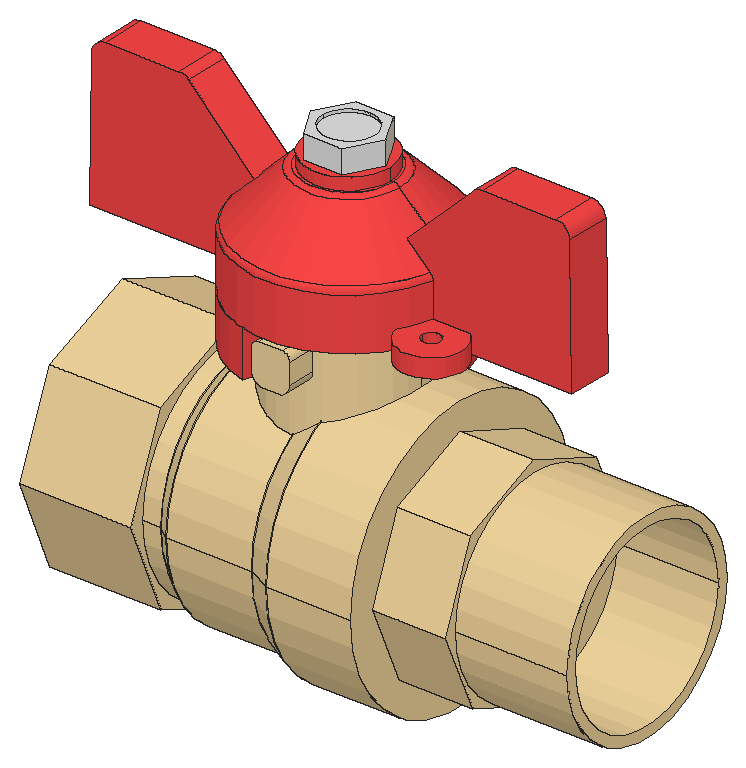
Revit family "Temper_88_КранШаровый-ВН_Бабочка ", category Арматура трубопроводов, Revit 2019
Family settings
  Размер круглого соединителя = Использовать диаметр
  Тип детали = Вставляется
  На основе рабочей плоскости = Нет
  Всегда вертикально = Да
  При загрузке вырезать с полостями = Нет
  Общий = Нет
Parameters (values of type "DN 15")
  Угол [instance] = 135.00°  # constant formula
  ТВ1 = "temper"  # constant formula
  ТВ = "ВН"  # constant formula
  Разработчик = "https://3dbim.pro/"
  Изготовитель = "ООО «ТД «Темпер»"  # constant formula
  Длина УГО [instance] = L - S1  # 45.5 mm
  L8 [instance] = S1 * 1.1  # 12.1 mm
  K1 [instance] = size_lookup(ТВ, "SW1", 10 mm, ADSK_Диаметр условный)  # 22 mm
  K [instance] = size_lookup(ТВ, "SW", 10 mm, ADSK_Диаметр условный)  # 25.5 mm
  S2 [instance] = size_lookup(ТВ1, "C", 10 mm, ADSK_Диаметр условный, N)  # 11 mm
  S1 [instance] = size_lookup(ТВ1, "C", 10 mm, ADSK_Диаметр условный, N)  # 11 mm
  N = 9  # constant formula
  L7 [instance] = size_lookup(ТВ, "L7", 10 mm, ADSK_Диаметр условный)  # 8 mm
  L6 [instance] = (L - L1 - L2 - L3 - L5 - L7 - L8) / 2  # 9.2 mm
  L5 [instance] = size_lookup(ТВ, "L5", 10 mm, ADSK_Диаметр условный)  # 2.6 mm
  L4 [instance] = L6  # 9.2 mm
  L3 [instance] = size_lookup(ТВ, "L3", 10 mm, ADSK_Диаметр условный)  # 1.5 mm
  L2 [instance] = size_lookup(ТВ, "L2", 10 mm, ADSK_Диаметр условный)  # 2 mm
  L1 [instance] = size_lookup(ТВ, "L1", 10 mm, ADSK_Диаметр условный)  # 11.9 mm
  L [instance] = size_lookup(ТВ1, "L", 10 mm, ADSK_Диаметр условный, N)  # 56.5 mm
  G1 [instance] = G * 0.9  # 19.35 mm
  G [instance] = size_lookup(ТВ, "G", 10 mm, ADSK_Диаметр условный)  # 21.5 mm
  F [instance] = size_lookup(ТВ, "F", 10 mm, ADSK_Диаметр условный)  # 15.75 mm
  ET1 [instance] = if(ADSK_Диаметр условный < 25 mm, 0.43 * ET, if(ADSK_Диаметр условный < 35 mm, 0.36 * ET, 0.4 * ET))  # 16.125 mm
  ET [instance] = size_lookup(ТВ1, "B", 10 mm, ADSK_Диаметр условный, N)  # 37.5 mm
  E [instance] = size_lookup(ТВ, "E", 10 mm, ADSK_Диаметр условный)  # 24.375 mm
  D3 [instance] = size_lookup(ТВ, "D3", 10 mm, ADSK_Диаметр условный)  # 29.5 mm
  D2 [instance] = size_lookup(ТВ, "D2", 10 mm, ADSK_Диаметр условный)  # 26.8 mm
  D1 [instance] = size_lookup(ТВ, "D1", 10 mm, ADSK_Диаметр условный)  # 24.5 mm
  AT [instance] = size_lookup(ТВ1, "A1", 10 mm, ADSK_Диаметр условный, N)  # 52 mm
  ADSK_Этаж [instance] = ""
  ADSK_Расход жидкости [instance] = 0.0 L/s
  ADSK_Примечание [instance] = ""
  ADSK_Потеря давления жидкости [instance] = 0.0 Pa
  ADSK_Позиция = ""
  ADSK_Обозначение = "ГОСТ Р 59553-2021"  # constant formula
  ADSK_Наименование краткое = "Кран шаровой латунный Temper"  # constant formula
  ADSK_Наименование = size_lookup(ТВ1, "ADSK_Наименование", "", ADSK_Диаметр условный, N)  # "Кран шаровой латунный Temper DN15 (12”) PN40 внутренняянаружная бабочка"
  ADSK_Материал = Латунь ЛС59-1В
  ADSK_Масса_Текст = size_lookup(ТВ1, "ADSK_Масса_Текст", "", ADSK_Диаметр условный, N)  # "0.15"
  ADSK_Масса = size_lookup(ТВ1, "ADSK_Масса", 0, ADSK_Диаметр условный, N)  # 0.15
  ADSK_Марка = size_lookup(ТВ1, "ADSK_Код изделия", "", ADSK_Диаметр условный, N)  # "8815ВНБ1240"
  ADSK_Количество = 1  # constant formula
  ADSK_Код изделия = size_lookup(ТВ1, "ADSK_Код изделия", "", ADSK_Диаметр условный, N)  # "8815ВНБ1240"
  ADSK_Зона [instance] = ""
  ADSK_Завод-изготовитель = "ООО «ТД «Темпер»"  # constant formula
  ADSK_Единица измерения = "шт."  # constant formula
  ADSK_Диаметр условный = 15 mm
  ADSK_Группирование [instance] = ""
  ADSK_Версия семейства = "v1.0"  # constant formula
  ADSK_Версия Revit = "2019"  # constant formula
  ADSK_URL страницы изделия = "https://brass.temper.ru/en"
  ADSK_URL документации изделия = "https://brass.temper.ru/en"
Types (5, lengths in mm): name | Длина УГО | L8 | K1 | K | S2 | S1 | L7 | L6 | L5 | L4 | L3 | L2 | L1 | L | G1 | G | F | ET1 | ET | E | D3 | D2 | D1 | AT | ADSK_Наименование | ADSK_Масса_Текст | ADSK_Масса | ADSK_Марка | ADSK_Код изделия | ADSK_Диаметр условный
  (no name) | 45.5 | 12.1 | 22 | 25.5 | 11 | 11 | 8 | 9.2 | 2.6 | 9.2 | 1.5 | 2 | 11.9 | 56.5 | 19.35 | 21.5 | 15.75 | 16.125 | 37.5 | 24.375 | 29.5 | 26.8 | 24.5 | 52 | "Кран шаровой латунный Temper DN15 (12”) PN40 внутренняянаружная бабочка" | "0.15" | 0.15 | "8815ВНБ1240" | "8815ВНБ1240" | 15
  DN 15 | 45.5 | 12.1 | 22 | 25.5 | 11 | 11 | 8 | 9.2 | 2.6 | 9.2 | 1.5 | 2 | 11.9 | 56.5 | 19.35 | 21.5 | 15.75 | 16.125 | 37.5 | 24.375 | 29.5 | 26.8 | 24.5 | 52 | "Кран шаровой латунный Temper DN15 (12”) PN40 внутренняянаружная бабочка" | "0.15" | 0.15 | "8815ВНБ1240" | "8815ВНБ1240" | 15
  DN 20 | 47 | 13.2 | 28 | 31.5 | 12 | 12 | 6.5 | 9.3 | 2.6 | 9.3 | 1.6 | 1.9 | 14.6 | 59 | 23.85 | 26.5 | 15.75 | 16.985 | 39.5 | 26.5 | 35.5 | 32.75 | 30 | 52 | "Кран шаровой латунный Temper DN20 (34”) PN40 внутренняянаружная бабочка" | "0.209" | 0.209 | "8820ВНБ3440" | "8820ВНБ3440" | 20
  DN 32 | 62.5 | 15.4 | 42.6 | 47.5 | 14 | 14 | 8.5 | 11.55 | 3.4 | 11.55 | 2.6 | 4.5 | 19 | 76.5 | 37.8 | 42 | 21 | 17.82 | 49.5 | 35.45 | 54 | 50.5 | 46.1 | 65 | "Кран шаровой латунный Temper DN32 (1 14”) PN25 внутренняянаружная бабочка" | "0.614" | 0.614 | "8832ВНБ11425" | "8832ВНБ11425" | 32
  DN 25 | 54 | 15.4 | 35 | 38.25 | 14 | 14 | 7.5 | 10.25 | 2.5 | 10.25 | 1.9 | 1.6 | 18.6 | 68 | 30.15 | 33.5 | 20 | 15.48 | 43 | 31.25 | 43 | 40.5 | 37.25 | 52 | "Кран шаровой латунный Temper DN25 (1”) PN40 внутренняянаружная бабочка" | "0.332" | 0.332 | "8825ВНБ140" | "8825ВНБ140" | 25
Reference planes
  plane 1 "По центру (Вперед/Назад)": y = 0
  plane 2: z = 0
  plane 3 "По центру (Влево/Вправо)": x = 0
  plane 4: x = -24.375
  plane 5: x = 20.025
  plane 6: x = -12.475
  plane 7: x = -10.475
  plane 8: x = -8.975
  plane 9: x = 0.225
  plane 10: x = 2.825
  plane 11: x = 12.025
  plane 12: x = -13.375
  plane 13: z = 21.375
  plane 14: z = 37.5
  plane 15: x = 32.125
  plane 16: x = 21.125
Forms (mm)
  Extrusion 1, solid, material "Латунь ЛС59-1В" <- "ADSK_Материал", detail levels fine
    sketch origin (-18.841, 0, -5.999) x (0, 1, 0) y (0, 0, 1)
      loop
        circle (0, 5.999) r 12.25
    from 6.366 to 8.366
  Extrusion 2, solid, material "Латунь ЛС59-1В" <- "ADSK_Материал", detail levels fine
    sketch origin (-18.841, -37.917, 10.096) x (0, 1, 0) y (0, 0, 1)
      loop
        circle (37.917, -10.096) r 13.4
    from 9.866 to 19.066
  Extrusion 3, solid, material "Латунь ЛС59-1В" <- "ADSK_Материал", detail levels fine
    sketch origin (-18.841, -79.208, 7.932) x (0, 1, 0) y (0, 0, 1)
      loop
        circle (79.208, -7.932) r 14.75
    from 21.666 to 30.866
  Blend 4, solid, material "Латунь ЛС59-1В" <- "ADSK_Материал", detail levels fine
    base sketch origin (-18.841, 0, -5.999) x (0, 1, 0) y (0, 0, 1)
      loop
        circle (0, 5.999) r 12.25
    top sketch origin (-18.841, 0, -5.999) x (0, 1, 0) y (0, 0, 1)
      loop
        circle (0, 5.999) r 13.4
    from 8.366 to 9.866
  Blend 5, solid, material "Латунь ЛС59-1В" <- "ADSK_Материал", detail levels fine
    base sketch origin (-18.841, -33.951, 12.82) x (0, 1, 0) y (0, 0, 1)
      loop
        circle (33.951, -12.82) r 14.75
    top sketch origin (-18.841, -33.951, 12.82) x (0, 1, 0) y (0, 0, 1)
      loop
        circle (33.951, -12.82) r 13.4
    from 21.666 to 19.066
  Extrusion 6, solid, material "Латунь ЛС59-1В" <- "ADSK_Материал", detail levels fine
    sketch origin (0, 0, 0) x (1, 0, 0) y (0, 1, 0)
      loop
        circle (0, 0) r 7.875
    from 0 to 21.375
  Extrusion 7, solid, material "Латунь ЛС59-1В" <- "ADSK_Материал", detail levels fine
    sketch origin (-0.106, -0.025, -0.026) x (0, 1, 0) y (0, 0, 1)
      loop
        line (-9.738, 9.78) -> (-13.775, 0.02) -> (-9.729, -9.737) -> (0.031, -13.775) -> (9.788, -9.728) -> (13.826, 0.032) -> (9.779, 9.789) -> (0.019, 13.826) -> (-9.738, 9.78)
    from -24.269 to -12.369
  Extrusion 8, solid, material "Латунь ЛС59-1В" <- "ADSK_Материал", detail levels fine
    sketch origin (87.39, -0.618, -0.151) x (0, 1, 0) y (0, 0, 1)
      loop
        line (-7.907, 8.462) -> (-11.287, 0) -> (-7.693, -8.374) -> (0.769, -11.755) -> (9.143, -8.161) -> (12.524, 0.301) -> (8.93, 8.676) -> (0.468, 12.056) -> (-7.907, 8.462)
    from -75.365 to -67.365
  Extrusion 9, void
    sketch origin (0, 0, 0) x (0, 1, 0) y (0, 0, 1)
      loop
        circle (0, 0) r 10.75
    from -24.375 to -13.375
  Extrusion 10, void
    sketch origin (0, 0, 0) x (0, 1, 0) y (0, 0, 1)
      loop
        circle (0, 0) r 9.675
    from 21.125 to 32.125
  Extrusion 11, solid, material "Латунь ЛС59-1В" <- "ADSK_Материал", detail levels fine
    sketch origin (0, 0, 0) x (0, 1, 0) y (0, 0, 1)
      loop
        circle (0, 0) r 10.75
    from 20.025 to 32.125
Cuts and joins
  Extrusion 9, Extrusion 10 cuts Extrusion 2
  Extrusion 9, Extrusion 10 cuts Extrusion 3
  Extrusion 9, Extrusion 10 cuts Blend 5
  Extrusion 9, Extrusion 10 cuts Extrusion 6
  Extrusion 9, Extrusion 10 cuts Extrusion 8
  Extrusion 9 cuts Extrusion 7
  Extrusion 10 cuts Extrusion 11
Dimensions and locks
  "E": plane 3 "По центру (Влево/Вправо)" to plane 4
  plane 5 to plane 3 "По центру (Влево/Вправо)" = 20.025 mm
  "S1": plane 12 to plane 4
  "L1": plane 6 to plane 4
  "L2": plane 7 to plane 6
  "L3": plane 8 to plane 7
  "L4": plane 9 to plane 8
  "L5": plane 10 to plane 9
  "L6": plane 11 to plane 10
  "L7": plane 5 to plane 11
  "K": Extrusion 7 sketch curve to Extrusion 7 sketch curve  (x4)
  equal spacing: Extrusion 7 sketch curve, plane 1 "По центру (Вперед/Назад)", Extrusion 7 sketch curve  (x4)
  "K1": Extrusion 8 sketch curve to Extrusion 8 sketch curve  (x4)
  equal spacing: Extrusion 8 sketch curve, plane 1 "По центру (Вперед/Назад)", Extrusion 8 sketch curve  (x4)
  "ET": plane 14 to plane 2
  "ET1": plane 14 to plane 13
  plane 5 to plane 4 = 44.4 mm
  "L8": plane 15 to plane 5
  "S2": plane 16 to plane 15
  "D1": diameter of Extrusion 1 sketch curve
  "D2": diameter of Extrusion 2 sketch curve
  "D3": diameter of Extrusion 3 sketch curve
  "D1": diameter of Blend 4 sketch curve
  "D2": diameter of Blend 4 sketch curve
  "D3": diameter of Blend 5 sketch curve
  "D2": diameter of Blend 5 sketch curve
  "F": diameter of Extrusion 6 sketch curve
  "G": diameter of Extrusion 9 sketch curve
  "G1": diameter of Extrusion 10 sketch curve
  "G": diameter of Extrusion 11 sketch curve
  angle Extrusion 7 sketch curve to Extrusion 7 sketch curve = 135.00°  (x8)
  angle Extrusion 8 sketch curve to Extrusion 8 sketch curve = 135.00°  (x8)
  aligned and locked: level to plane 2
  aligned and locked: plane 2 to Extrusion 1 sketch curve
  aligned and locked: plane 1 "По центру (Вперед/Назад)" to Extrusion 1 sketch curve
  aligned and locked: level to Blend 4 sketch curve  (x2)
  aligned and locked: plane 1 "По центру (Вперед/Назад)" to Blend 4 sketch curve  (x2)
  aligned and locked: level to Extrusion 2 sketch curve
  aligned and locked: plane 1 "По центру (Вперед/Назад)" to Extrusion 2 sketch curve
  aligned and locked: level to Blend 5 sketch curve  (x2)
  aligned and locked: plane 1 "По центру (Вперед/Назад)" to Blend 5 sketch curve  (x2)
  aligned and locked: level to Extrusion 3 sketch curve
  aligned and locked: plane 1 "По центру (Вперед/Назад)" to Extrusion 3 sketch curve
  aligned and locked: Extrusion 1 to plane 6
  aligned and locked: plane 7 to Extrusion 1
  aligned and locked: Blend 4 to plane 7
  aligned and locked: plane 8 to Blend 4
  aligned and locked: Extrusion 2 to plane 8
  aligned and locked: plane 9 to Extrusion 2
  aligned and locked: Blend 5 to plane 9
  aligned and locked: plane 10 to Blend 5
  aligned and locked: Extrusion 3 to plane 10
  aligned and locked: plane 11 to Extrusion 3
  aligned and locked: plane 1 "По центру (Вперед/Назад)" to Extrusion 6 sketch curve
  aligned and locked: plane 3 "По центру (Влево/Вправо)" to Extrusion 6 sketch curve
  aligned and locked: Extrusion 6 to level
  aligned and locked: Extrusion 7 to plane 4
  aligned and locked: plane 6 to Extrusion 7
  aligned and locked: Extrusion 8 to plane 11
  aligned and locked: plane 5 to Extrusion 8
  aligned and locked: Extrusion 9 to plane 4
  aligned and locked: plane 12 to Extrusion 9
  aligned and locked: nested 1 to plane 1 "По центру (Вперед/Назад)"
  aligned and locked: plane 13 to Extrusion 6
  aligned and locked: Extrusion 11 to plane 15
  aligned and locked: Extrusion 11 to plane 5
  aligned and locked: Extrusion 10 to plane 15
  aligned and locked: nested 1 to plane 15
  aligned and locked: nested 2 to plane 2
  aligned and locked: plane 15 to nested 2
  aligned and locked: plane 1 "По центру (Вперед/Назад)" to nested 3
  aligned and locked: nested 3 to plane 13
  aligned and locked: plane 3 "По центру (Влево/Вправо)" to nested 3
Automatic sketch dimensions
  Extrusion 7 sketch curve to level = 0.006 mm
  Extrusion 8 sketch curve to level = 0.151 mm
  Extrusion 9 sketch curve to level = 0 mm
  Extrusion 9 sketch curve to plane 1 "По центру (Вперед/Назад)" = 0 mm
  Extrusion 10 sketch curve to level = 0 mm
  Extrusion 10 sketch curve to plane 1 "По центру (Вперед/Назад)" = 0 mm
  Extrusion 11 sketch curve to level = 0 mm
  Extrusion 11 sketch curve to plane 1 "По центру (Вперед/Назад)" = 0 mm
Nested families
  nested 1: "УГО_АТ_Кран шаровой проходной" at (9.375, 0, 0) x (1, 0, 0) z (0, 1, 0), УГО_Длина <- "Длина УГО", type "УГО_АТ_Кран шаровой проходной", detail levels coarse+medium
    with УГО_Длина 45.5 mm, d 4.55 mm, a 22.75 mm
  nested 2: "УГО_ЭУ_Кран шаровой проходной" at (9.375, 0, 0) x (1, 0, 0) z (0, -1, 0), УГО_Длина <- "Длина УГО", type "УГО_ЭУ_Кран шаровой проходной", detail levels coarse+medium
    with УГО_Длина 45.5 mm, R 4.55 mm, A 26.269 mm
  nested 3: "Вл_бабочка" at (0, 0, 21.375), Диаметр <- "ADSK_Диаметр условный", type "Красная", detail levels fine
    with Диаметры 25 и 32 no, Диаметры 15 и 20 yes, Диаметр 15 mm
Connectors
  piping at (-13.375, 0, 0), diameter 15, driven by "ADSK_Диаметр условный", driven by "ADSK_Расход жидкости", driven by "ADSK_Потеря давления жидкости"
    settings: on cut or joined group of Extrusion 7, Extrusion 9, index 1, connector inside diameter 609.6 mm, connector length 0 mm, flow factor 0, pipe flow 0.0 L/s, pressure drop 0.0 Pa, fitting loss kfactor 0, connector angle 0.00°, fixture units 0, engagement length 0 mm, angle of deflection 0.00°, flow configuration 0, flow direction 0, fitting loss method 4, system type 29, joint type 0, gender type 0, connector reference index 2, connector utility 0, adjustable connector no, is connector primary yes, connector description ""
  piping at (32.125, 0, 0), diameter 15, driven by "ADSK_Диаметр условный", driven by "ADSK_Расход жидкости"
    settings: on cut or joined group of Extrusion 10, Extrusion 11, index 2, connector inside diameter 609.6 mm, connector length 0 mm, flow factor 0, pipe flow 0.0 L/s, pressure drop 0.0 Pa, fitting loss kfactor 0, connector angle 0.00°, fixture units 0, engagement length 0 mm, angle of deflection 0.00°, flow configuration 0, flow direction 0, fitting loss method 0, system type 29, joint type 0, gender type 0, connector reference index 1, connector utility 0, adjustable connector no, is connector primary no, connector description ""
Definition of nested family "УГО_АТ_Кран шаровой проходной"
  Parameters (values of type "УГО_АТ_Кран шаровой проходной")
    УГО_Длина [instance] = 60 mm
    d [instance] = УГО_Длина / 10  # 6 mm
    a [instance] = УГО_Длина / 2  # 30 mm
  Reference planes
    plane 1 "По центру (Вперед/Назад)": y = 0
    plane 2: z = 0
    plane 3 "По центру (Влево/Вправо)": x = 0
    plane 4: x = -30
    plane 5: x = 30
  Forms (mm)
    Extrusion 1, solid
      sketch origin (0, 0, 0) x (1, 0, 0) y (0, 0, 1)
        loop
          line (0, 0) -> (-30, 17.321) -> (-30, -17.321) -> (0, 0)
      from -0.5 to 0.5
    Extrusion 2, solid
      sketch origin (0, 0, 0) x (-1, 0, 0) y (0, 0, -1)
        loop
          line (0, 0) -> (-30, 17.321) -> (-30, -17.321) -> (0, 0)
      from -0.5 to 0.5
    Extrusion 3, solid
      sketch origin (0, 0, 0) x (1, 0, 0) y (0, 0, 1)
        loop
          circle (0, 0) r 6
      from -1 to 1
  Cuts and joins
    joined: Extrusion 1, Extrusion 2, Extrusion 3
  Dimensions and locks
    "a": plane 3 "По центру (Влево/Вправо)" to plane 4
    "a": plane 5 to plane 3 "По центру (Влево/Вправо)"
    "d": radius of Extrusion 3 sketch curve
    locked: plane 2 to Extrusion 2 sketch curve (angle 30.00°)
    locked: Extrusion 2 sketch curve to plane 2 (angle 30.00°)
    locked: Extrusion 1 sketch curve to plane 2 (angle 30.00°)
    locked: plane 2 to Extrusion 1 sketch curve (angle 30.00°)
    aligned and locked: level to plane 2
    aligned and locked: plane 3 "По центру (Влево/Вправо)" to Extrusion 3 sketch curve
    aligned and locked: plane 2 to Extrusion 3 sketch curve
  Automatic sketch dimensions
    Extrusion 1 sketch curve to plane 4 = 0 mm
    Extrusion 1 sketch curve to level = 0 mm
    Extrusion 1 sketch curve to plane 3 "По центру (Влево/Вправо)" = 0 mm
    plane 5 to Extrusion 2 sketch curve = 0 mm
    Extrusion 2 sketch curve to level = 0 mm
    Extrusion 2 sketch curve to plane 3 "По центру (Влево/Вправо)" = 0 mm
Definition of nested family "Вл_бабочка"
  Parameters (values of type "Красная")
    Материал = none
    Диаметры 25 и 32 [instance] = or(Диаметр = 25 mm, Диаметр = 32 mm)  # yes
    Диаметры 15 и 20 [instance] = or(Диаметр = 15 mm, Диаметр = 20 mm)  # no
    Диаметр [instance] = 25 mm
  Reference planes
    plane 1 "По центру (Вперед/Назад)": y = 0
    plane 2: z = 0
    plane 3 "По центру (Влево/Вправо)": x = 0
  Forms (mm)
    Revolve 1, solid, material <- "Материал", visible <- "Диаметры 15 и 20"
      sketch origin (0, 0, 0) x (1, 0, 0) y (0, 0, 1)
        loop
          line (11.2, -5) -> (11.2, 0) -> (8.506, 0) -> (8.506, -5) -> (11.2, -5)
        axis (0, 0) -> (0, -5)
      angle from 13 to 76
    Revolve 2, solid, material <- "Материал", visible <- "Диаметры 15 и 20"
      sketch origin (0, 0, 0) x (-1, 0, 0) y (0, 0, 1)
        loop
          line (11.2, -5) -> (11.2, 0) -> (8.5, 0) -> (8.5, -5) -> (11.2, -5)
        axis (0, 0) -> (0, -5)
      angle from -76 to -13
    Extrusion 3, solid, visible <- "Диаметры 15 и 20"
      sketch origin (0, 0, 0) x (1, 0, 0) y (0, 0, 1)
        loop
          arc (0.858, -5.252) -> (1.706, -4.901) -> (2.058, -4.052) r 1.2
          line (2.058, -4.052) -> (2.058, -1.792)
          arc (2.058, -1.792) -> (1.824, -1.227) -> (1.258, -0.992) r 0.8
          line (1.258, -0.992) -> (-1.258, -0.992)
          arc (-1.258, -0.992) -> (-1.824, -1.227) -> (-2.058, -1.792) r 0.8
          line (-2.058, -1.792) -> (-2.058, -4.052)
          arc (-2.058, -4.052) -> (-1.706, -4.901) -> (-0.858, -5.252) r 1.2
          line (-0.858, -5.252) -> (0.858, -5.252)
      from 0 to 10.5
    Revolve 4, solid, material <- "Материал", visible <- "Диаметры 15 и 20"
      sketch origin (0, 0, 0) x (1, 0, 0) y (0, 0, 1)
        loop
          line (-5.543, 11.707) -> (-10.907, 6.343)
          arc (-10.907, 6.343) -> (-11.124, 6.018) -> (-11.2, 5.636) r 1
          line (-11.2, 5.636) -> (-11.2, 0) -> (0, 0) -> (0, 12) -> (-4.836, 12)
          arc (-4.836, 12) -> (-5.218, 11.924) -> (-5.543, 11.707) r 1
        axis (0, 0) -> (0, 12)
      angle from 0 to 360
    Extrusion 5, solid, material <- "Материал", visible <- "Диаметры 15 и 20"
      sketch origin (0, 0, 0) x (1, 0, 0) y (0, 0, 1)
        loop
          line (26, 0) -> (25.773, 14.773)
          arc (25.773, 14.773) -> (25.325, 15.819) -> (24.273, 16.25) r 1.5
          line (24.273, 16.25) -> (16.371, 16.25)
          arc (16.371, 16.25) -> (15.797, 16.136) -> (15.311, 15.811) r 1.5
          line (15.311, 15.811) -> (1.71, 2.21) -> (1.71, 0) -> (26, 0)
        loop
          line (-26, 0) -> (-1.71, 0) -> (-1.71, 2.21) -> (-15.311, 15.811)
          arc (-15.311, 15.811) -> (-15.797, 16.136) -> (-16.371, 16.25) r 1.5
          line (-16.371, 16.25) -> (-24.273, 16.25)
          arc (-24.273, 16.25) -> (-25.325, 15.819) -> (-25.773, 14.773) r 1.5
          line (-25.773, 14.773) -> (-26, 0)
      from 2.375 to -2.375
    Extrusion 6, solid, material <- "Материал", visible <- "Диаметры 15 и 20"
      sketch origin (0, 0, 0) x (1, 0, 0) y (0, 1, 0)
        loop
          circle (0, 0) r 4.5
      from 12 to 13.27
    Extrusion 7, solid, visible <- "Диаметры 15 и 20"
      sketch origin (0, 0, 0) x (1, 0, 0) y (0, 1, 0)
        loop
          line (-2.021, 3.5) -> (-4.041, 0) -> (-2.021, -3.5) -> (2.021, -3.5) -> (4.041, 0) -> (2.021, 3.5) -> (-2.021, 3.5)
        loop
          circle (0, 0) r 2.8
      from 13.27 to 15.77
    Extrusion 8, solid, visible <- "Диаметры 15 и 20"
      sketch origin (0, 0, 0) x (1, 0, 0) y (0, 1, 0)
        loop
          circle (0, 0) r 2.8
      from 13.27 to 15.5
    Extrusion 9, solid, material <- "Материал", visible <- "Диаметры 15 и 20"
      sketch origin (0, 0, 0) x (1, 0, 0) y (0, 1, 0)
        loop
          arc (9.664, -5.661) -> (14.777, -7.992) -> (14.953, -2.375) r 3.375
          line (14.953, -2.375) -> (10.945, -2.375)
          arc (10.945, -2.375) -> (10.435, -4.069) -> (9.664, -5.661) r 11.2
        loop
          arc (14.953, 2.375) -> (14.777, 7.992) -> (9.664, 5.661) r 3.375
          arc (9.664, 5.661) -> (10.435, 4.069) -> (10.945, 2.375) r 11.2
          line (10.945, 2.375) -> (14.953, 2.375)
        loop
          circle (12.996, 5.125) r 1
        loop
          circle (12.996, -5.125) r 1
      from 0 to 2
    Extrusion 10, solid, material <- "Материал", visible <- "Диаметры 25 и 32"
      sketch origin (0, 0, 0) x (1, 0, 0) y (0, 0, 1)
        loop
          line (-32.134, 16.772) -> (-32.5, 0) -> (-6.434, 0) -> (-18.564, 17.324)
          arc (-18.564, 17.324) -> (-18.922, 17.637) -> (-19.383, 17.75) r 1
          line (-19.383, 17.75) -> (-31.134, 17.75)
          arc (-31.134, 17.75) -> (-31.834, 17.465) -> (-32.134, 16.772) r 1
        loop
          arc (32.134, 16.772) -> (31.834, 17.465) -> (31.134, 17.75) r 1
          line (31.134, 17.75) -> (19.383, 17.75)
          arc (19.383, 17.75) -> (18.922, 17.637) -> (18.564, 17.324) r 1
          line (18.564, 17.324) -> (6.434, 0) -> (32.5, 0) -> (32.134, 16.772)
      from -2.625 to 2.625
    Revolve 11, solid, material <- "Материал", visible <- "Диаметры 25 и 32"
      sketch origin (0, 0, 0) x (1, 0, 0) y (0, 0, 1)
        loop
          line (-15.1, 0) -> (0, 0) -> (0, 8.75) -> (-8.969, 8.75)
          arc (-8.969, 8.75) -> (-9.359, 8.707) -> (-9.73, 8.581) r 1.8
          line (-9.73, 8.581) -> (-14.465, 6.373)
          arc (-14.465, 6.373) -> (-14.928, 5.968) -> (-15.1, 5.377) r 1.1
          line (-15.1, 5.377) -> (-15.1, 0)
        axis (0, 0) -> (0, 8.75)
      angle from 0 to 360
    Revolve 12, solid, material <- "Материал", visible <- "Диаметры 25 и 32"
      sketch origin (0, 0, 0) x (1, 0, 0) y (0, 0, 1)
        loop
          line (15.1, -6) -> (15.1, 0) -> (11.5, 0) -> (11.5, -6) -> (15.1, -6)
        axis (0, -6) -> (0, 0)
      angle from 13 to 76
    Revolve 13, solid, material <- "Материал", visible <- "Диаметры 25 и 32"
      sketch origin (0, 0, 0) x (-1, 0, 0) y (0, 0, 1)
        loop
          line (15.1, -6) -> (15.1, 0) -> (11.5, 0) -> (11.5, -6) -> (15.1, -6)
        axis (0, -6) -> (0, 0)
      angle from -13 to -76
    Extrusion 14, solid, visible <- "Диаметры 25 и 32"
      sketch origin (0, 0, 0) x (1, 0, 0) y (0, 0, 1)
        loop
          arc (2.5, -1.6) -> (2.031, -0.469) -> (0.9, 0) r 1.6
          line (0.9, 0) -> (-0.9, 0)
          arc (-0.9, 0) -> (-2.031, -0.469) -> (-2.5, -1.6) r 1.6
          line (-2.5, -1.6) -> (-2.5, -4.7)
          arc (-2.5, -4.7) -> (-1.973, -5.973) -> (-0.7, -6.5) r 1.8
          line (-0.7, -6.5) -> (0.7, -6.5)
          arc (0.7, -6.5) -> (1.973, -5.973) -> (2.5, -4.7) r 1.8
          line (2.5, -4.7) -> (2.5, -1.6)
      from 0 to 14
    Extrusion 15, solid, visible <- "Диаметры 25 и 32"
      sketch origin (0, 0, 0) x (1, 0, 0) y (0, 1, 0)
        loop
          line (-0.604, 7.074) -> (-5.963, 3.855)
          arc (-5.963, 3.855) -> (-6.21, 3.442) -> (-6.429, 3.014) r 7.1
          line (-6.429, 3.014) -> (-6.319, -3.236)
          arc (-6.319, -3.236) -> (-6.086, -3.657) -> (-5.824, -4.06) r 7.1
          line (-5.824, -4.06) -> (-0.357, -7.091)
          arc (-0.357, -7.091) -> (0.124, -7.099) -> (0.604, -7.074) r 7.1
          line (0.604, -7.074) -> (5.963, -3.855)
          arc (5.963, -3.855) -> (6.21, -3.442) -> (6.429, -3.014) r 7.1
          line (6.429, -3.014) -> (6.319, 3.236)
          arc (6.319, 3.236) -> (6.086, 3.657) -> (5.824, 4.06) r 7.1
          line (5.824, 4.06) -> (0.357, 7.091)
          arc (0.357, 7.091) -> (-0.124, 7.099) -> (-0.604, 7.074) r 7.1
        loop
          circle (0, 0) r 4.2
      from 8.75 to 13.75
    Extrusion 16, solid, visible <- "Диаметры 25 и 32"
      sketch origin (0, 0, 0) x (1, 0, 0) y (0, 1, 0)
        loop
          line (2.66, 3.25) -> (-2.66, 3.25)
          arc (-2.66, 3.25) -> (-4.2, 0) -> (-2.66, -3.25) r 4.2
          line (-2.66, -3.25) -> (2.66, -3.25)
          arc (2.66, -3.25) -> (4.2, 0) -> (2.66, 3.25) r 4.2
      from 8.75 to 15
    Extrusion 17, solid, material <- "Материал", visible <- "Диаметры 25 и 32"
      sketch origin (0, 0, 0) x (1, 0, 0) y (0, 1, 0)
        loop
          circle (-15.906, 3.882) r 3
        loop
          circle (15.906, -3.882) r 3
        loop
          circle (-15.906, 3.882) r 1.25
        loop
          circle (15.906, -3.882) r 1.25
      from 0 to 2.5
  Cuts and joins
    joined: Revolve 4, Extrusion 5
    joined: Extrusion 10, Revolve 11
  Dimensions and locks
    aligned and locked: level to plane 2
Definition of nested family "УГО_ЭУ_Кран шаровой проходной"
  Parameters (values of type "УГО_ЭУ_Кран шаровой проходной")
    УГО_Длина [instance] = 54 mm
    R [instance] = УГО_Длина / 10  # 5.4 mm
    A [instance] = УГО_Длина / tan(60.00°)  # 31.177 mm
  Reference planes
    plane 1 "По центру (Вперед/Назад)": y = 0
    plane 2: z = 0
    plane 3 "По центру (Влево/Вправо)": x = 0
    plane 4: x = -27
    plane 5: x = 27
    plane 6: y = 15.588
    plane 7: y = -15.588
  Lines and regions (mm)
    Filled region 1, type "УГО_ЭУ_Белый", in view "Опорный уровень"
      outline origin (0, 0, 0) x (1, 0, 0) y (0, 1, 0)
        loop
          circle (0, 0) r 5.4
    Masking region 1, in view "Опорный уровень"
      outline origin (0, 0, 0) x (1, 0, 0) y (0, 1, 0)
        loop
          line (-27, 15.588) -> (-27, -15.588) -> (-4.677, -2.7)
          arc (-4.677, -2.7) -> (-5.4, 0) -> (-4.677, 2.7) r 5.4
          line (-4.677, 2.7) -> (-27, 15.588)
    Masking region 2, in view "Опорный уровень"
      outline origin (0, 0, 0) x (1, 0, 0) y (0, 1, 0)
        loop
          line (27, 15.588) -> (4.677, 2.7)
          arc (4.677, 2.7) -> (5.4, 0) -> (4.677, -2.7) r 5.4
          line (4.677, -2.7) -> (27, -15.588) -> (27, 15.588)
  Dimensions and locks
    equal spacing: plane 4, plane 3 "По центру (Влево/Вправо)", plane 5
    "УГО_Длина": plane 4 to plane 5
    equal spacing: plane 6, plane 1 "По центру (Вперед/Назад)", plane 7
    "A": plane 6 to plane 7
    "R": radius of Masking region 1 sketch curve
    "R": radius of Masking region 2 sketch curve
    "R": radius of Filled region 1 sketch curve
    locked: Masking region 1 sketch curve to plane 6 (angle 30.00°)
    locked: plane 7 to Masking region 1 sketch curve (angle 30.00°)
    locked: plane 6 to Masking region 2 sketch curve (angle 30.00°)
    locked: Masking region 2 sketch curve to plane 7 (angle 30.00°)
    aligned and locked: plane 3 "По центру (Влево/Вправо)" to Masking region 1 sketch curve
    aligned and locked: plane 1 "По центру (Вперед/Назад)" to Masking region 1 sketch curve
    aligned and locked: plane 3 "По центру (Влево/Вправо)" to Masking region 2 sketch curve
    aligned and locked: plane 1 "По центру (Вперед/Назад)" to Masking region 2 sketch curve
    aligned and locked: plane 5 to Masking region 2 sketch curve  (x2)
    aligned and locked: plane 6 to Masking region 1 sketch curve
    aligned and locked: plane 7 to Masking region 1 sketch curve
    aligned and locked: plane 4 to Masking region 1 sketch curve  (x2)
    aligned and locked: plane 6 to Masking region 2 sketch curve
    aligned and locked: plane 7 to Masking region 2 sketch curve
  Automatic sketch dimensions
    plane 1 "По центру (Вперед/Назад)" to Filled region 1 sketch curve = 0 mm
    Filled region 1 sketch curve to plane 3 "По центру (Влево/Вправо)" = 0 mm
